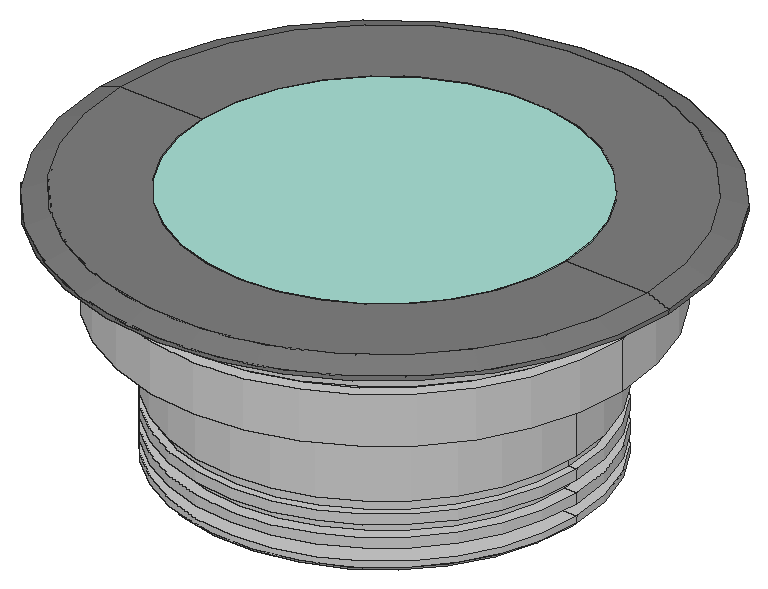
Revit family "Bright 5.F", category Lighting Fixtures, host Face, Revit 2017 (continued)
Types (16, lengths in mm): name | Wattage | Power | Photometric Web File | Optics | built-in parameter 1150142 | built-in parameter 1150105 | Lumens | built-in parameter 1150106 | Apparent Load Phase 1
    00 0.00 0.00 0.00 0.00 \r\n0.00 0.00 0.00 0.00 0.00 0.00 0.00 0.00 0.00 0.00 0.00 \r\n0.00 0.00 0.00 0.00 0.00 0.00 0.00 0.00 0.00 0.00 0.00 \r\n0.00 \r\n4679.93 4596.21 4437.11 4166.63 3811.28 3429.05 3033.84 \r\n2618.55 2238.60 1877.28 1573.75 1316.87 1084.91 904.01 \r\n761.41 645.68 554.57 476.78 412.32 360.19 313.83 274.26 \r\n241.39 211.42 185.93 163.50 143.48 127.13 112.41 99.50 \r\n88.57 79.17 70.60 63.05 56.58 50.65 45.14 40.13 35.25 \r\n30.97 27.41 24.25 21.84 19.93 18.32 16.83 15.42 14.15 \r\n12.88 11.62 10.45 9.21 7.99 6.91 5.97 5.17 4.46 3.84 3.35 \r\n2.93 2.59 2.32 2.08 1.88 1.70 1.53 1.39 1.25 1.13 1.02 \r\n0.91 0.80 0.68 0.57 0.47 0.40 0.35 0.32 0.29 0.26 0.24 \r\n0.22 0.20 0.18 0.16 0.14 0.12 0.10 0.06 0.02 0.01 0.00 \r\n0.00 0.00 0.00 0.00 0.00 0.00 0.00 0.00 0.00 0.00 0.00 \r\n0.00 0.00 0.00 0.00 0.00 0.00 0.00 0.00 0.00 0.00 0.00 \r\n0.00 0.00 0.00 0.00 0.00 0.00 0.00 0.00 0.00 0.00 0.00 \r\n0.00 0.00 0.00 0.00 0.00 0.00 0.00 0.00 0.00 0.00 0.00 \r\n0.00 0.00 0.00 0.00 0.00 0.00 0.00 0.00 0.00 0.00 0.00 \r\n0.00 0.00 0.00 0.00 0.00 0.00 0.00 0.00 0.00 0.00 0.00 \r\n0.00 0.00 0.00 0.00 0.00 0.00 0.00 0.00 0.00 0.00 0.00 \r\n0.00 0.00 0.00 0.00 0.00 0.00 0.00 0.00 0.00 0.00 0.00 \r\n0.00 \r\n4679.93 4612.96 4414.98 4167.98 3860.13 3510.92 3132.28 \r\n2752.81 2393.35 2044.18 1732.63 1466.52 1225.21 1024.93 \r\n866.61 735.28 626.91 537.27 464.19 403.25 352.66 308.40 \r\n271.21 238.10 209.74 183.98 161.58 142.92 126.68 112.05 \r\n99.77 88.97 79.22 70.66 62.98 56.37 50.36 44.52 39.17 \r\n34.27 29.96 26.31 23.39 21.29 19.45 17.79 16.29 14.91 \r\n13.57 12.37 11.14 9.98 8.81 7.67 6.54 5.46 4.61 3.93 3.43 \r\n3.04 2.70 2.41 2.16 1.94 1.75 1.58 1.43 1.29 1.16 1.05 \r\n0.96 0.85 0.72 0.61 0.51 0.43 0.37 0.33 0.30 0.27 0.25 \r\n0.23 0.21 0.19 0.17 0.15 0.13 0.10 0.07 0.03 0.01 0.00 \r\n0.00 0.00 0.00 0.00 0.00 0.00 0.00 0.00 0.00 0.00 0.00 \r\n0.00 0.00 0.00 0.00 0.00 0.00 0.00 0.00 0.00 0.00 0.00 \r\n0.00 0.00 0.00 0.00 0.00 0.00 0.00 0.00 0.00 0.00 0.00 \r\n0.00 0.00 0.00 0.00 0.00 0.00 0.00 0.00 0.00 0.00 0.00 \r\n0.00 0.00 0.00 0.00 0.00 0.00 0.00 0.00 0.00 0.00 0.00 \r\n0.00 0.00 0.00 0.00 0.00 0.00 0.00 0.00 0.00 0.00 0.00 \r\n0.00 0.00 0.00 0.00 0.00 0.00 0.00 0.00 0.00 0.00 0.00 \r\n0.00 0.00 0.00 0.00 0.00 0.00 0.00 0.00 0.00 0.00 0.00 \r\n0.00 \r\n4679.93 4603.44 4468.09 4271.71 3987.97 3652.93 3291.70 \r\n2929.90 2565.74 2215.12 1891.83 1610.61 1354.53 1146.44 \r\n973.50 822.85 704.30 602.87 520.61 450.56 392.05 343.90 \r\n301.87 264.86 232.48 204.14 180.26 159.63 141.48 125.21 \r\n111.15 98.99 87.71 78.36 69.63 62.22 55.33 48.99 43.09 \r\n37.68 32.84 28.67 25.25 22.66 20.59 18.79 17.18 15.64 \r\n14.17 12.80 11.48 10.18 8.94 7.75 6.70 5.73 4.89 4.17 \r\n3.59 3.14 2.79 2.49 2.23 2.00 1.80 1.62 1.47 1.32 1.19 \r\n1.07 0.96 0.86 0.74 0.63 0.52 0.44 0.38 0.34 0.31 0.28 \r\n0.26 0.23 0.21 0.19 0.17 0.15 0.13 0.11 0.08 0.03 0.01 \r\n0.00 0.00 0.00 0.00 0.00 0.00 0.00 0.00 0.00 0.00 0.00 \r\n0.00 0.00 0.00 0.00 0.00 0.00 0.00 0.00 0.00 0.00 0.00 \r\n0.00 0.00 0.00 0.00 0.00 0.00 0.00 0.00 0.00 0.00 0.00 \r\n0.00 0.00 0.00 0.00 0.00 0.00 0.00 0.00 0.00 0.00 0.00 \r\n0.00 0.00 0.00 0.00 0.00 0.00 0.00 0.00 0.00 0.00 0.00 \r\n0.00 0.00 0.00 0.00 0.00 0.00 0.00 0.00 0.00 0.00 0.00 \r\n0.00 0.00 0.00 0.00 0.00 0.00 0.00 0.00 0.00 0.00 0.00 \r\n0.00 0.00 0.00 0.00 0.00 0.00 0.00 0.00 0.00 0.00 0.00 \r\n0.00 0.00 \r\n4679.93 4615.22 4513.12 4303.82 4039.32 3735.65 3403.38 \r\n3055.09 2702.43 2370.32 2055.87 1785.80 1521.40 1292.00 \r\n1105.85 945.17 813.02 695.15 597.47 518.06 448.22 389.39 \r\n342.36 298.70 263.41 231.04 203.65 179.92 159.00 141.04 \r\n125.30 111.15 98.84 87.82 78.02 69.51 61.67 54.59 48.01 \r\n42.02 36.54 31.97 27.96 24.83 22.25 20.13 18.21 16.49 \r\n14.85 13.27 11.77 10.32 9.01 7.77 6.76 5.91 5.16 4.48 \r\n3.88 3.35 2.93 2.60 2.33 2.10 1.89 1.69 1.52 1.37 1.24 \r\n1.11 0.98 0.87 0.76 0.64 0.54 0.45 0.39 0.35 0.32 0.29 \r\n0.26 0.24 0.22 0.20 0.18 0.15 0.13 0.11 0.08 0.04 0.01 \r\n0.00 0.00 0.00 0.00 0.00 0.00 0.00 0.00 0.00 0.00 0.00 \r\n0.00 0.00 0.00 0.00 0.00 0.00 0.00 0.00 0.00 0.00 0.00 \r\n0.00 0.00 0.00 0.00 0.00 0.00 0.00 0.00 0.00 0.00 0.00 \r\n0.00 0.00 0.00 0.00 0.00 0.00 0.00 0.00 0.00 0.00 0.00 \r\n0.00 0.00 0.00 0.00 0.00 0.00 0.00 0.00 0.00 0.00 0.00 \r\n0.00 0.00 0.00 0.00 0.00 0.00 0.00 0.00 0.00 0.00 0.00 \r\n0.00 0.00 0.00 0.00 0.00 0.00 0.00 0.00 0.00 0.00 0.00 \r\n0.00 0.00 0.00 0.00 0.00 0.00 0.00 0.00 0.00 0.00 0.00 \r\n0.00 0.00 \r\n4679.93 4649.54 4527.57 4346.71 4105.69 3838.08 3523.87 \r\n3198.05 2883.73 2566.97 2266.98 1988.07 1719.63 1493.69 \r\n1298.89 1115.76 959.47 825.81 711.83 614.75 531.59 461.33 \r\n401.77 350.00 306.29 267.25 235.12 207.41 183.11 162.80 \r\n143.59 127.65 113.69 100.88 89.39 79.20 70.03 61.85 54.36 \r\n47.81 41.76 36.39 31.91 27.97 24.72 21.97 19.66 17.58 \r\n15.68 13.85 12.15 10.60 9.26 8.07 7.02 6.16 5.44 4.80 \r\n4.20 3.67 3.20 2.80 2.47 2.22 1.99 1.79 1.61 1.44 1.29 \r\n1.14 1.00 0.88 0.77 0.66 0.56 0.47 0.41 0.36 0.33 0.30 \r\n0.27 0.25 0.23 0.20 0.18 0.16 0.14 0.11 0.08 0.03 0.01 \r\n0.00 0.00 0.00 0.00 0.00 0.00 0.00 0.00 0.00 0.00 0.00 \r\n0.00 0.00 0.00 0.00 0.00 0.00 0.00 0.00 0.00 0.00 0.00 \r\n0.00 0.00 0.00 0.00 0.00 0.00 0.00 0.00 0.00 0.00 0.00 \r\n0.00 0.00 0.00 0.00 0.00 0.00 0.00 0.00 0.00 0.00 0.00 \r\n0.00 0.00 0.00 0.00 0.00 0.00 0.00 0.00 0.00 0.00 0.00 \r\n0.00 0.00 0.00 0.00 0.00 0.00 0.00 0.00 0.00 0.00 0.00 \r\n0.00 0.00 0.00 0.00 0.00 0.00 0.00 0.00 0.00 0.00 0.00 \r\n0.00 0.00 0.00 0.00 0.00 0.00 0.00 0.00 0.00 0.00 0.00 \r\n0.00 0.00 \r\n4679.93 4655.39 4549.50 4388.01 4178.50 3936.28 3657.28 \r\n3368.15 3080.53 2781.91 2503.69 2235.76 1975.11 1746.19 \r\n1538.76 1348.72 1172.57 1017.50 882.38 764.62 658.24 \r\n567.43 491.64 426.85 370.66 322.12 281.86 246.29 217.40 \r\n190.34 168.65 149.15 132.07 117.21 103.90 92.34 81.45 \r\n71.89 63.11 55.21 48.12 42.28 36.93 32.38 28.37 24.73 \r\n21.61 19.01 16.76 14.68 12.79 11.20 9.79 8.53 7.51 6.60 \r\n5.80 5.11 4.52 3.97 3.50 3.08 2.70 2.38 2.13 1.92 1.71 \r\n1.52 1.34 1.18 1.03 0.90 0.79 0.69 0.58 0.49 0.43 0.38 \r\n0.34 0.31 0.28 0.26 0.23 0.21 0.19 0.16 0.14 0.11 0.08 \r\n0.04 0.01 0.00 0.00 0.00 0.00 0.00 0.00 0.00 0.00 0.00 \r\n0.00 0.00 0.00 0.00 0.00 0.00 0.00 0.00 0.00 0.00 0.00 \r\n0.00 0.00 0.00 0.00 0.00 0.00 0.00 0.00 0.00 0.00 0.00 \r\n0.00 0.00 0.00 0.00 0.00 0.00 0.00 0.00 0.00 0.00 0.00 \r\n0.00 0.00 0.00 0.00 0.00 0.00 0.00 0.00 0.00 0.00 0.00 \r\n0.00 0.00 0.00 0.00 0.00 0.00 0.00 0.00 0.00 0.00 0.00 \r\n0.00 0.00 0.00 0.00 0.00 0.00 0.00 0.00 0.00 0.00 0.00 \r\n0.00 0.00 0.00 0.00 0.00 0.00 0.00 0.00 0.00 0.00 0.00 \r\n0.00 0.00 0.00 0.00 \r\n4679.93 4660.84 4568.36 4422.62 4251.52 4034.73 3797.41 \r\n3548.78 3278.82 3019.67 2766.54 2522.16 2271.95 2052.46 \r\n1838.29 1645.09 1458.22 1282.26 1121.14 977.12 848.30 \r\n733.50 634.70 548.64 472.27 407.02 351.22 304.05 264.66 \r\n231.21 202.72 178.58 157.31 139.03 123.13 109.28 96.94 \r\n85.09 74.65 64.93 56.46 49.48 43.52 38.09 33.25 28.70 \r\n24.56 21.15 18.25 15.88 13.82 12.09 10.56 9.29 8.13 7.13 \r\n6.28 5.52 4.84 4.27 3.79 3.36 2.97 2.62 2.32 2.06 1.83 \r\n1.60 1.42 1.23 1.07 0.93 0.82 0.71 0.60 0.52 0.45 0.39 \r\n0.36 0.32 0.30 0.27 0.24 0.22 0.19 0.17 0.14 0.12 0.08 \r\n0.03 0.01 0.00 0.00 0.00 0.00 0.00 0.00 0.00 0.00 0.00 \r\n0.00 0.00 0.00 0.00 0.00 0.00 0.00 0.00 0.00 0.00 0.00 \r\n0.00 0.00 0.00 0.00 0.00 0.00 0.00 0.00 0.00 0.00 0.00 \r\n0.00 0.00 0.00 0.00 0.00 0.00 0.00 0.00 0.00 0.00 0.00 \r\n0.00 0.00 0.00 0.00 0.00 0.00 0.00 0.00 0.00 0.00 0.00 \r\n0.00 0.00 0.00 0.00 0.00 0.00 0.00 0.00 0.00 0.00 0.00 \r\n0.00 0.00 0.00 0.00 0.00 0.00 0.00 0.00 0.00 0.00 0.00 \r\n0.00 0.00 0.00 0.00 0.00 0.00 0.00 0.00 0.00 0.00 0.00 \r\n0.00 0.00 0.00 0.00 \r\n4679.93 4667.62 4589.69 4466.40 4315.28 4126.82 3925.74 \r\n3708.80 3485.32 3272.63 3050.10 2837.81 2613.42 2410.55 \r\n2205.16 2009.00 1821.51 1628.19 1454.03 1279.89 1123.85 \r\n978.73 849.27 731.55 627.57 534.69 459.66 393.09 337.65 \r\n291.59 251.81 218.74 191.66 168.20 147.91 131.11 115.41 \r\n101.50 88.69 77.64 67.23 58.68 51.05 44.68 38.83 33.70 \r\n28.92 24.57 20.85 17.69 15.20 13.27 11.66 10.17 8.93 7.80 \r\n6.85 6.01 5.26 4.61 4.08 3.62 3.21 2.85 2.52 2.23 1.93 \r\n1.70 1.48 1.29 1.11 0.97 0.85 0.74 0.63 0.53 0.46 0.41 \r\n0.37 0.34 0.31 0.28 0.25 0.22 0.20 0.17 0.15 0.12 0.08 \r\n0.04 0.01 0.00 0.00 0.00 0.00 0.00 0.00 0.00 0.00 0.00 \r\n0.00 0.00 0.00 0.00 0.00 0.00 0.00 0.00 0.00 0.00 0.00 \r\n0.00 0.00 0.00 0.00 0.00 0.00 0.00 0.00 0.00 0.00 0.00 \r\n0.00 0.00 0.00 0.00 0.00 0.00 0.00 0.00 0.00 0.00 0.00 \r\n0.00 0.00 0.00 0.00 0.00 0.00 0.00 0.00 0.00 0.00 0.00 \r\n0.00 0.00 0.00 0.00 0.00 0.00 0.00 0.00 0.00 0.00 0.00 \r\n0.00 0.00 0.00 0.00 0.00 0.00 0.00 0.00 0.00 0.00 0.00 \r\n0.00 0.00 0.00 0.00 0.00 0.00 0.00 0.00 0.00 0.00 0.00 \r\n0.00 0.00 0.00 0.00 \r\n4679.93 4673.55 4602.85 4508.91 4376.92 4220.93 4054.43 \r\n3881.24 3694.44 3516.14 3336.46 3159.19 2978.29 2798.44 \r\n2622.10 2440.34 2247.77 2053.59 1866.74 1670.21 1485.32 \r\n1307.01 1144.92 988.96 853.35 728.30 625.23 528.35 448.06 \r\n381.31 322.96 277.17 239.71 207.64 181.03 158.76 139.12 \r\n122.45 105.92 92.67 79.58 69.06 60.15 52.22 45.56 39.61 \r\n33.96 29.03 24.59 20.66 17.43 14.89 12.99 11.31 9.84 8.58 \r\n7.51 6.59 5.73 5.01 4.41 3.88 3.43 3.04 2.66 2.35 2.06 \r\n1.80 1.56 1.35 1.17 1.02 0.89 0.77 0.65 0.55 0.48 0.43 \r\n0.38 0.35 0.32 0.29 0.26 0.23 0.20 0.18 0.15 0.12 0.08 \r\n0.03 0.01 0.00 0.00 0.00 0.00 0.00 0.00 0.00 0.00 0.00 \r\n0.00 0.00 0.00 0.00 0.00 0.00 0.00 0.00 0.00 0.00 0.00 \r\n0.00 0.00 0.00 0.00 0.00 0.00 0.00 0.00 0.00 0.00 0.00 \r\n0.00 0.00 0.00 0.00 0.00 0.00 0.00 0.00 0.00 0.00 0.00 \r\n0.00 0.00 0.00 0.00 0.00 0.00 0.00 0.00 0.00 0.00 0.00 \r\n0.00 0.00 0.00 0.00 0.00 0.00 0.00 0.00 0.00 0.00 0.00 \r\n0.00 0.00 0.00 0.00 0.00 0.00 0.00 0.00 0.00 0.00 0.00 \r\n0.00 0.00 0.00 0.00 0.00 0.00 0.00 0.00 0.00 0.00 0.00 \r\n0.00 0.00 0.00 0.00 \r\n4679.93 4676.73 4620.86 4539.17 4426.47 4301.99 4163.98 \r\n4032.54 3887.35 3751.85 3614.59 3484.03 3344.39 3206.14 \r\n3056.54 2900.73 2723.48 2539.76 2332.98 2141.24 1926.04 \r\n1721.90 1523.52 1332.56 1150.70 985.68 845.59 717.13 \r\n601.81 504.41 426.54 357.82 305.75 259.65 223.57 192.68 \r\n167.20 145.40 126.83 109.81 94.32 80.94 69.67 60.66 52.64 \r\n45.54 39.11 33.49 28.47 24.30 20.64 17.38 14.80 12.71 \r\n11.02 9.53 8.34 7.20 6.29 5.46 4.76 4.15 3.63 3.15 2.78 \r\n2.45 2.18 1.92 1.65 1.43 1.24 1.08 0.94 0.80 0.68 0.58 \r\n0.50 0.44 0.40 0.36 0.33 0.30 0.27 0.24 0.21 0.18 0.15 \r\n0.12 0.08 0.04 0.01 0.00 0.00 0.00 0.00 0.00 0.00 0.00 \r\n0.00 0.00 0.00 0.00 0.00 0.00 0.00 0.00 0.00 0.00 0.00 \r\n0.00 0.00 0.00 0.00 0.00 0.00 0.00 0.00 0.00 0.00 0.00 \r\n0.00 0.00 0.00 0.00 0.00 0.00 0.00 0.00 0.00 0.00 0.00 \r\n0.00 0.00 0.00 0.00 0.00 0.00 0.00 0.00 0.00 0.00 0.00 \r\n0.00 0.00 0.00 0.00 0.00 0.00 0.00 0.00 0.00 0.00 0.00 \r\n0.00 0.00 0.00 0.00 0.00 0.00 0.00 0.00 0.00 0.00 0.00 \r\n0.00 0.00 0.00 0.00 0.00 0.00 0.00 0.00 0.00 0.00 0.00 \r\n0.00 0.00 0.00 0.00 0.00 0.00 \r\n4679.93 4681.99 4633.01 4561.32 4471.15 4371.05 4260.65 \r\n4155.82 4053.21 3961.12 3866.07 3777.83 3683.30 3588.97 \r\n3467.57 3343.43 3196.04 3015.25 2822.70 2612.36 2393.77 \r\n2165.33 1939.25 1715.81 1501.52 1294.27 1112.93 942.09 \r\n793.93 661.30 552.64 463.81 388.40 327.07 276.67 236.67 \r\n201.68 173.27 148.97 129.25 110.07 93.85 80.24 69.43 \r\n59.46 51.05 43.84 37.87 32.79 27.95 24.04 20.37 17.36 \r\n14.45 12.31 10.56 9.18 7.98 6.91 5.95 5.09 4.38 3.77 3.31 \r\n2.89 2.57 2.26 1.99 1.76 1.53 1.32 1.15 0.99 0.84 0.70 \r\n0.60 0.52 0.47 0.42 0.38 0.34 0.31 0.28 0.25 0.22 0.19 \r\n0.16 0.12 0.09 0.03 0.01 0.00 0.00 0.00 0.00 0.00 0.00 \r\n0.00 0.00 0.00 0.00 0.00 0.00 0.00 0.00 0.00 0.00 0.00 \r\n0.00 0.00 0.00 0.00 0.00 0.00 0.00 0.00 0.00 0.00 0.00 \r\n0.00 0.00 0.00 0.00 0.00 0.00 0.00 0.00 0.00 0.00 0.00 \r\n0.00 0.00 0.00 0.00 0.00 0.00 0.00 0.00 0.00 0.00 0.00 \r\n0.00 0.00 0.00 0.00 0.00 0.00 0.00 0.00 0.00 0.00 0.00 \r\n0.00 0.00 0.00 0.00 0.00 0.00 0.00 0.00 0.00 0.00 0.00 \r\n0.00 0.00 0.00 0.00 0.00 0.00 0.00 0.00 0.00 0.00 0.00 \r\n0.00 0.00 0.00 0.00 0.00 0.00 0.00 \r\n4679.93 4684.53 4643.31 4582.88 4507.40 4425.05 4339.09 \r\n4254.66 4179.19 4117.02 4059.29 4011.14 3958.83 3894.71 \r\n3820.39 3719.64 3602.01 3439.35 3263.43 3049.82 2818.43 \r\n2565.77 2339.19 2071.62 1836.83 1597.04 1373.14 1173.00 \r\n984.03 825.68 691.79 574.11 473.57 396.73 329.22 279.80 \r\n234.80 199.60 170.23 146.18 123.95 106.23 89.23 76.30 \r\n65.04 55.45 48.02 41.55 36.22 31.35 26.85 23.05 19.74 \r\n16.59 14.03 11.75 10.06 8.63 7.32 6.29 5.36 4.59 3.95 \r\n3.47 3.02 2.68 2.33 2.07 1.83 1.63 1.41 1.24 1.06 0.89 \r\n0.73 0.62 0.55 0.48 0.44 0.40 0.36 0.32 0.29 0.26 0.23 \r\n0.19 0.16 0.13 0.09 0.04 0.01 0.00 0.00 0.00 0.00 0.00 \r\n0.00 0.00 0.00 0.00 0.00 0.00 0.00 0.00 0.00 0.00 0.00 \r\n0.00 0.00 0.00 0.00 0.00 0.00 0.00 0.00 0.00 0.00 0.00 \r\n0.00 0.00 0.00 0.00 0.00 0.00 0.00 0.00 0.00 0.00 0.00 \r\n0.00 0.00 0.00 0.00 0.00 0.00 0.00 0.00 0.00 0.00 0.00 \r\n0.00 0.00 0.00 0.00 0.00 0.00 0.00 0.00 0.00 0.00 0.00 \r\n0.00 0.00 0.00 0.00 0.00 0.00 0.00 0.00 0.00 0.00 0.00 \r\n0.00 0.00 0.00 0.00 0.00 0.00 0.00 0.00 0.00 0.00 0.00 \r\n0.00 0.00 0.00 0.00 0.00 0.00 0.00 0.00 \r\n4679.93 4684.28 4648.88 4598.13 4527.01 4454.72 4378.32 \r\n4313.86 4260.24 4218.38 4186.75 4163.85 4135.34 4099.98 \r\n4047.87 3971.26 3869.77 3724.18 3553.84 3350.13 3112.19 \r\n2863.65 2613.50 2338.79 2068.73 1815.54 1567.78 1343.34 \r\n1142.26 955.67 799.77 662.14 547.34 452.42 372.14 310.20 \r\n261.78 220.99 187.76 160.33 135.84 115.69 96.71 80.91 \r\n68.59 58.38 50.78 44.20 38.68 33.64 29.30 25.08 21.56 \r\n18.20 15.47 12.97 10.76 9.12 7.65 6.48 5.55 4.77 4.12 \r\n3.61 3.12 2.74 2.40 2.11 1.88 1.67 1.49 1.31 1.11 0.91 \r\n0.75 0.64 0.56 0.50 0.45 0.41 0.37 0.33 0.30 0.26 0.23 \r\n0.20 0.16 0.13 0.09 0.03 0.01 0.00 0.00 0.00 0.00 0.00 \r\n0.00 0.00 0.00 0.00 0.00 0.00 0.00 0.00 0.00 0.00 0.00 \r\n0.00 0.00 0.00 0.00 0.00 0.00 0.00 0.00 0.00 0.00 0.00 \r\n0.00 0.00 0.00 0.00 0.00 0.00 0.00 0.00 0.00 0.00 0.00 \r\n0.00 0.00 0.00 0.00 0.00 0.00 0.00 0.00 0.00 0.00 0.00 \r\n0.00 0.00 0.00 0.00 0.00 0.00 0.00 0.00 0.00 0.00 0.00 \r\n0.00 0.00 0.00 0.00 0.00 0.00 0.00 0.00 0.00 0.00 0.00 \r\n0.00 0.00 0.00 0.00 0.00 0.00 0.00 0.00 0.00 0.00 0.00 \r\n0.00 0.00 0.00 0.00 0.00 0.00 0.00 0.00 \r\n4679.93 4682.91 4650.05 4600.48 4532.96 4463.03 4399.09 \r\n4338.50 4289.44 4254.31 4229.63 4213.39 4196.46 4171.37 \r\n4128.23 4061.15 3970.06 3834.75 3661.12 3458.69 3231.16 \r\n2977.40 2720.12 2433.29 2168.01 1888.70 1643.51 1402.38 \r\n1196.10 996.89 841.76 693.87 568.46 468.59 388.37 325.61 \r\n270.39 228.51 193.14 164.85 139.99 119.35 98.13 82.97 \r\n69.41 59.24 51.62 44.90 39.75 34.52 29.89 25.77 22.25 \r\n18.66 15.96 13.22 11.18 9.17 7.66 6.52 5.61 4.84 4.22 \r\n3.64 3.15 2.77 2.41 2.14 1.91 1.69 1.52 1.33 1.12 0.92 \r\n0.76 0.64 0.56 0.50 0.45 0.41 0.37 0.33 0.30 0.26 0.23 \r\n0.19 0.16 0.13 0.09 0.04 0.01 0.00 0.00 0.00 0.00 0.00 \r\n0.00 0.00 0.00 0.00 0.00 0.00 0.00 0.00 0.00 0.00 0.00 \r\n0.00 0.00 0.00 0.00 0.00 0.00 0.00 0.00 0.00 0.00 0.00 \r\n0.00 0.00 0.00 0.00 0.00 0.00 0.00 0.00 0.00 0.00 0.00 \r\n0.00 0.00 0.00 0.00 0.00 0.00 0.00 0.00 0.00 0.00 0.00 \r\n0.00 0.00 0.00 0.00 0.00 0.00 0.00 0.00 0.00 0.00 0.00 \r\n0.00 0.00 0.00 0.00 0.00 0.00 0.00 0.00 0.00 0.00 0.00 \r\n0.00 0.00 0.00 0.00 0.00 0.00 0.00 0.00 0.00 0.00 0.00 \r\n0.00 0.00 0.00 0.00 0.00 0.00 0.00 0.00 \r\n" | 1546.8 (stored number, unit not read) | 1538 lm | 15.468 (stored number, unit not read) | 19 W
